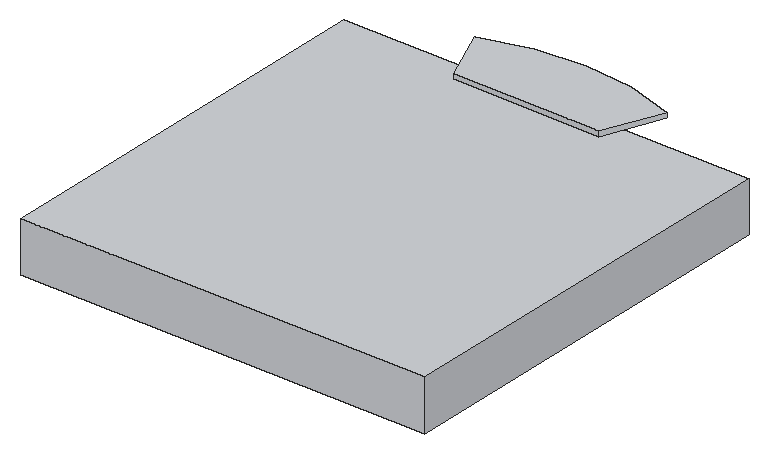
Revit family
Parameters
  Width = 1' - 6"
  URL = "www.coldspringgranite.com"
  TypicalJointSize = 0' - 0 1/4"
  StoneMaterial = none
  StoneAngle = 45.00°
  SettingSpace = Height + SettingBed  # 0' - 2"
  SettingBed = 0' - 0 13/16"
  RightJointOff = no
  RightJointAngle = 2 * (asin(RightJoint / (2 * ActualRadius)))  # 0.119615°
  RightJoint = if(RightJointOff, 0' 0", TypicalJointSize / 2)  # 0' - 0 1/8"
  Radius = 5' - 0"
  Product Name = "Paving Stone Panels with Radius on One Side - Splayed Ends"
  Product Documentation Link = "http://www.coldspringgranite.com/BIM_Families/Family_Detail/Paving_Stone_Panels_with_Radius_on_one_Side_-_Splayed_Ends/"
  PhoneNumber = "800-551-7502"
  Notes = ""
  NominalRise = Radius - (Radius * cos(StoneAngle / 2))  # 0' - 4.56723"
  Model = "N/A"
  Manufacturer = "Cold Spring Granite"
  Low Emitting Material = yes
  Low Emitting Finish = yes
  Location = "17482 Granite West Road, cold Spring, MN  56320-4578"
  Length = 2 * Radius * sin(StoneAngle / 2)  # 3' - 9.92201"
  LeftJointOff = no
  LeftJointAngle = 2 * (asin(LeftJoint / (2 * ActualRadius)))  # 0.119615°
  LeftJoint = if(LeftJointOff, 0' 0", TypicalJointSize / 2)  # 0' - 0 1/8"
  LEED Credit = ""
  Keynote = "096340"
  Height = 0' - 1 3/16"
  HalfLengthFront = (Radius - Width) * tan(StoneAngle / 2)  # 1' - 5.39697"
  FrontJointOff = no
  FrontJoint = if(FrontJointOff, 0' 0", TypicalJointSize / 2)  # 0' - 0 1/8"
  Description = "Stone Floor Paving - Radius One Side with Splayed Sides"
  Default Elevation = 0' - 0"
  BackJointOff = no
  BackJoint = if(BackJointOff, 0' 0", TypicalJointSize / 2)  # 0' - 0 1/8"
  Assembly Code = "C3020400"
  ActualSplayLengthRight = (Width - BackJoint - FrontJoint - ActualRiseRight) * tan(StoneAngle / 2)  # 0' - 5.48419"
  ActualSplayLengthLeft = (Width - BackJoint - FrontJoint - ActualRiseLeft) * tan(StoneAngle / 2)  # 0' - 5.48419"
  ActualRiseRight = ActualRadius - (ActualRadius * cos((StoneAngle / 2) - RightJointAngle))  # 0' - 4.51"
  ActualRiseLeft = ActualRadius - (ActualRadius * cos((StoneAngle / 2) - LeftJointAngle))  # 0' - 4.51"
  ActualRadius = Radius - BackJoint  # 4' - 11 7/8"
  ActualHalfLengthRight = ActualRadius * sin((StoneAngle - (RightJointAngle * 2)) / 2)  # 1' - 10.79764"
  ActualHalfLengthLeft = ActualRadius * sin((StoneAngle - (LeftJointAngle * 2)) / 2)  # 1' - 10.79764"
  ADA Compliant = yes
Reference planes (in)
  plane 1 "Center (Front/Back)": y = 0
  plane 2: z = 0
  plane 3 "Center (Left/Right)": x = 0
  plane 4 "LeftBack": x = -22.96101
  plane 5 "StoneLeftBack": x = -22.79764
  plane 6 "LeftFront": x = -17.39697
  plane 7 "StoneLeftFront": x = -17.31345
  plane 8 "StoneRightFront": x = 17.31345
  plane 9 "RightFront": x = 17.39697
  plane 10 "StoneRightBack": x = 22.79764
  plane 11 "RightBack": x = 22.96101
  plane 12 "Front": y = 42
  plane 13 "StoneFront": y = 42.125
  plane 14 "Back": y = 60
  plane 15 "StoneBack": y = 59.875
  plane 16 "RadiusEdge": y = 55.43277
  plane 17 "StoneRadiusEdgeLeft": y = 55.365
  plane 18 "StoneRadiusEdgeRight": y = 55.365
  plane 19 "StoneTop": z = 2
  plane 20 "StoneBottom": z = 0.8125
Forms (in)
  Extrusion 1, solid
    sketch origin (0, 0, 0) x (1, 0, 0) y (0, 1, 0)
      loop
        line (-48, 48) -> (-48, -48) -> (48, -48) -> (48, 48) -> (-48, 48)
    from 0 to -12
  Extrusion 2, solid, material <- "StoneMaterial", detail levels coarse
    sketch origin (0, 0, 2) x (0, -1, 0) y (1, 0, 0)
      loop
        line (-55.43277, -22.96101) -> (-42, -17.39697) -> (-42, 17.39697) -> (-55.43277, 22.96101)
        arc (-55.43277, 22.96101) -> (-60, 0) -> (-55.43277, -22.96101) r 60
    from -1.1875 to 0
  Extrusion 3, solid, material <- "StoneMaterial", detail levels medium+fine
    sketch origin (0, 0, 2) x (0, -1, 0) y (1, 0, 0)
      loop
        line (-55.365, -22.79764) -> (-42.125, -17.31345) -> (-42.125, 17.31345) -> (-55.365, 22.79764)
        arc (-55.365, 22.79764) -> (-59.875, 0) -> (-55.365, -22.79764) r 59.875
    from -1.1875 to 0
Lines and regions (in)
  Masking region 1, detail levels coarse
    outline origin (0, 0, 2) x (0, -1, 0) y (1, 0, 0)
      loop
        line (-55.43277, -22.96101) -> (-42, -17.39697) -> (-42, 17.39697) -> (-55.43277, 22.96101)
        arc (-55.43277, 22.96101) -> (-60, 0) -> (-55.43277, -22.96101) r 60
  Masking region 2, detail levels medium+fine
    outline origin (0, 0, 2) x (0, -1, 0) y (1, 0, 0)
      loop
        line (-55.365, -22.79764) -> (-42.125, -17.31345) -> (-42.125, 17.31345) -> (-55.365, 22.79764)
        arc (-55.365, 22.79764) -> (-59.875, 0) -> (-55.365, -22.79764) r 59.875
  Masking region 3, detail levels coarse
    outline origin (0, 60, 0) x (-1, 0, 0) y (0, 0, 1)
      loop
        line (-22.96101, 2) -> (-22.96101, 0.8125) -> (22.96101, 0.8125) -> (22.96101, 2) -> (-22.96101, 2)
  Masking region 4, detail levels coarse
    outline origin (0, 42, 0) x (-1, 0, 0) y (0, 0, 1)
      loop
        line (17.39697, 0.8125) -> (17.39697, 2) -> (-17.39697, 2) -> (-17.39697, 0.8125) -> (17.39697, 0.8125)
  Masking region 5, detail levels medium+fine
    outline origin (0, 60, 0) x (-1, 0, 0) y (0, 0, 1)
      loop
        line (22.79764, 0.8125) -> (22.79764, 2) -> (-22.79764, 2) -> (-22.79764, 0.8125) -> (22.79764, 0.8125)
  Masking region 6, detail levels medium+fine
    outline origin (0, 42, 0) x (-1, 0, 0) y (0, 0, 1)
      loop
        line (17.31345, 0.8125) -> (17.31345, 2) -> (-17.31345, 2) -> (-17.31345, 0.8125) -> (17.31345, 0.8125)
  Masking region 7, detail levels coarse
    outline origin (0, 0, 0) x (0, 1, 0) y (0, 0, 1)
      loop
        line (42, 2) -> (42, 0.8125) -> (60, 0.8125) -> (60, 2) -> (42, 2)
  Masking region 8, detail levels medium+fine
    outline origin (0, 0, 0) x (0, 1, 0) y (0, 0, 1)
      loop
        line (59.875, 0.8125) -> (59.875, 2) -> (42.125, 2) -> (42.125, 0.8125) -> (59.875, 0.8125)
  reference lines
    curve 1: line (-17.39697, 42, 0) -> (-22.96101, 55.43277, 0)
    curve 2: line (-17.31345, 42.125, 0) -> (-22.79764, 55.365, 0)
    curve 3: line (17.39697, 42, 0) -> (22.96101, 55.43277, 0)
    curve 4: line (17.31345, 42.125, 0) -> (22.79764, 55.365, 0)
  symbolic lines, detail levels coarse
    curve 5: line (0, 55.43277, 0.8125) -> (0, 55.43277, 2)
  symbolic lines, detail levels medium
    curve 6: line (22.96101, 55.365, 0.8125) -> (22.96101, 55.365, 2)
    curve 7: line (-22.96101, 55.365, 0.8125) -> (-22.96101, 55.365, 2)
Dimensions and locks (in)
  "Radius": plane 1 "Center (Front/Back)" to plane 14 "Back"
  "Width": plane 14 "Back" to plane 12 "Front"
  "BackJoint": plane 14 "Back" to plane 15 "StoneBack"
  "FrontJoint": plane 13 "StoneFront" to plane 12 "Front"
  "ActualRiseLeft": plane 15 "StoneBack" to plane 17 "StoneRadiusEdgeLeft"
  "NominalRise": plane 14 "Back" to plane 16 "RadiusEdge"
  "ActualRiseRight": plane 15 "StoneBack" to plane 18 "StoneRadiusEdgeRight"
  "ActualHalfLengthLeft": plane 5 "StoneLeftBack" to plane 3 "Center (Left/Right)"
  "ActualHalfLengthRight": plane 3 "Center (Left/Right)" to plane 10 "StoneRightBack"
  "HalfLengthFront": plane 6 "LeftFront" to plane 3 "Center (Left/Right)"
  "HalfLengthFront": plane 3 "Center (Left/Right)" to plane 9 "RightFront"
  "ActualSplayLengthLeft": plane 5 "StoneLeftBack" to plane 7 "StoneLeftFront"
  "ActualSplayLengthRight": plane 8 "StoneRightFront" to plane 10 "StoneRightBack"
  "SettingSpace": plane 19 "StoneTop" to plane 2
  "Height": plane 19 "StoneTop" to plane 20 "StoneBottom"
  equal spacing: plane 4 "LeftBack", plane 3 "Center (Left/Right)", plane 11 "RightBack"
  "Length": plane 4 "LeftBack" to plane 11 "RightBack"
  "Radius": radius of Extrusion 2 sketch curve
  "ActualRadius": radius of Extrusion 3 sketch curve
  "Radius": radius of Masking region 1 sketch curve
  "ActualRadius": radius of Masking region 2 sketch curve
  aligned and locked: plane 2 to Extrusion 1
  aligned and locked: level to Extrusion 1
  aligned and locked: plane 12 "Front" to curve 1
  aligned and locked: plane 6 "LeftFront" to curve 1
  aligned and locked: plane 12 "Front" to curve 3
  aligned and locked: plane 9 "RightFront" to curve 3
  aligned and locked: plane 13 "StoneFront" to curve 2
  aligned and locked: plane 7 "StoneLeftFront" to curve 2
  aligned and locked: plane 8 "StoneRightFront" to curve 4
  aligned and locked: plane 13 "StoneFront" to curve 4
  aligned and locked: plane 17 "StoneRadiusEdgeLeft" to curve 2
  aligned and locked: plane 10 "StoneRightBack" to curve 4
  aligned and locked: plane 18 "StoneRadiusEdgeRight" to curve 4
  aligned and locked: plane 11 "RightBack" to curve 3
  aligned and locked: plane 16 "RadiusEdge" to curve 1
  aligned and locked: plane 4 "LeftBack" to curve 1
  aligned and locked: plane 16 "RadiusEdge" to Extrusion 2 sketch curve  (x2)
  aligned and locked: plane 4 "LeftBack" to Extrusion 2 sketch curve
  aligned and locked: plane 11 "RightBack" to Extrusion 2 sketch curve
  aligned and locked: Extrusion 2 sketch curve to curve 1
  aligned and locked: Extrusion 2 sketch curve to plane 12 "Front"
  aligned and locked: Extrusion 2 sketch curve to curve 3
  aligned and locked: plane 20 "StoneBottom" to Extrusion 2
  aligned and locked: Extrusion 2 to plane 19 "StoneTop"
  aligned and locked: plane 17 "StoneRadiusEdgeLeft" to Extrusion 3 sketch curve
  aligned and locked: plane 5 "StoneLeftBack" to Extrusion 3 sketch curve
  aligned and locked: plane 10 "StoneRightBack" to Extrusion 3 sketch curve
  aligned and locked: plane 18 "StoneRadiusEdgeRight" to Extrusion 3 sketch curve
  aligned and locked: Extrusion 3 sketch curve to curve 2
  aligned and locked: Extrusion 3 sketch curve to plane 13 "StoneFront"
  aligned and locked: Extrusion 3 sketch curve to curve 4
  aligned and locked: plane 20 "StoneBottom" to Extrusion 3
  aligned and locked: Extrusion 3 to plane 19 "StoneTop"
  aligned and locked: plane 4 "LeftBack" to Masking region 1 sketch curve
  aligned and locked: plane 16 "RadiusEdge" to Masking region 1 sketch curve  (x2)
  aligned and locked: plane 11 "RightBack" to Masking region 1 sketch curve
  aligned and locked: Masking region 1 sketch curve to curve 1
  aligned and locked: Masking region 1 sketch curve to curve 3
  aligned and locked: Masking region 1 sketch curve to plane 12 "Front"
  aligned and locked: plane 5 "StoneLeftBack" to Masking region 2 sketch curve
  aligned and locked: plane 17 "StoneRadiusEdgeLeft" to Masking region 2 sketch curve
  aligned and locked: plane 18 "StoneRadiusEdgeRight" to Masking region 2 sketch curve
  aligned and locked: plane 10 "StoneRightBack" to Masking region 2 sketch curve
  aligned and locked: Masking region 2 sketch curve to curve 2
  aligned and locked: Masking region 2 sketch curve to plane 13 "StoneFront"
  aligned and locked: Masking region 2 sketch curve to curve 4
  aligned and locked: Masking region 3 sketch curve to plane 19 "StoneTop"
  aligned and locked: Masking region 3 sketch curve to plane 20 "StoneBottom"
  aligned and locked: Masking region 3 sketch curve to plane 4 "LeftBack"
  aligned and locked: Masking region 3 sketch curve to plane 11 "RightBack"
  aligned and locked: Masking region 4 sketch curve to plane 6 "LeftFront"
  aligned and locked: Masking region 4 sketch curve to plane 9 "RightFront"
  aligned and locked: Masking region 4 sketch curve to plane 19 "StoneTop"
  aligned and locked: Masking region 4 sketch curve to plane 20 "StoneBottom"
  aligned and locked: Masking region 5 sketch curve to plane 5 "StoneLeftBack"
  aligned and locked: Masking region 5 sketch curve to plane 10 "StoneRightBack"
  aligned and locked: Masking region 5 sketch curve to plane 19 "StoneTop"
  aligned and locked: Masking region 5 sketch curve to plane 20 "StoneBottom"
  aligned and locked: Masking region 6 sketch curve to plane 7 "StoneLeftFront"
  aligned and locked: Masking region 6 sketch curve to plane 8 "StoneRightFront"
  aligned and locked: Masking region 6 sketch curve to plane 19 "StoneTop"
  aligned and locked: Masking region 6 sketch curve to plane 20 "StoneBottom"
  aligned and locked: plane 19 "StoneTop" to Masking region 7 sketch curve
  aligned and locked: plane 20 "StoneBottom" to Masking region 7 sketch curve
  aligned and locked: plane 14 "Back" to Masking region 7 sketch curve
  aligned and locked: plane 12 "Front" to Masking region 7 sketch curve
  aligned and locked: plane 16 "RadiusEdge" to curve 5
  aligned and locked: plane 19 "StoneTop" to curve 5
  aligned and locked: plane 20 "StoneBottom" to curve 5
  aligned and locked: plane 15 "StoneBack" to Masking region 8 sketch curve
  aligned and locked: plane 13 "StoneFront" to Masking region 8 sketch curve
  aligned and locked: plane 19 "StoneTop" to Masking region 8 sketch curve
  aligned and locked: plane 20 "StoneBottom" to Masking region 8 sketch curve
  aligned and locked: plane 19 "StoneTop" to curve 6
  aligned and locked: plane 19 "StoneTop" to curve 7
  aligned and locked: plane 20 "StoneBottom" to curve 6
  aligned and locked: plane 20 "StoneBottom" to curve 7
  aligned and locked: curve 6 to plane 18 "StoneRadiusEdgeRight"
  aligned and locked: curve 7 to plane 17 "StoneRadiusEdgeLeft"
Automatic sketch dimensions
  Extrusion 1 sketch curve to Extrusion 1 sketch curve = 8' - 0"  (x2)
  curve 3 to plane 16 "RadiusEdge" = 0' - 0"
  curve 2 to plane 5 "StoneLeftBack" = 0' - 0"
Nested families (in)
  nested 1: "CopyRight" at (0, 0, 0), type "CopyRight"
Definition of nested family "CopyRight"
  Parameters (values of type "CopyRight")
    CopyRight = "Cold Spring Granite Company"
  Reference planes (in)
    plane 1: z = 0
